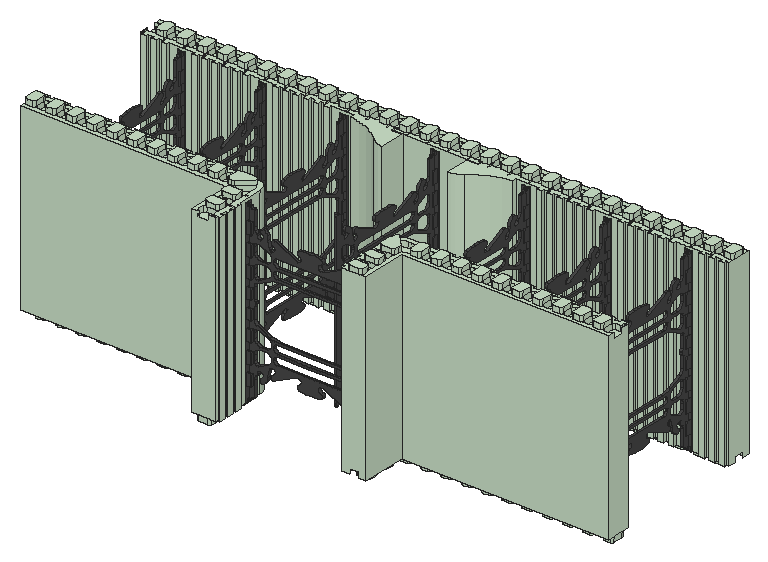
Revit family (continued)
Definition of nested family "NUDURA Diamond Pattern"
  Lines and regions (mm)
    model lines
      curve 139: arc (93.906, -142.875, 110.708) -> (95.394, -142.875, 114.3) -> (93.906, -142.875, 117.892) r 5.08
      curve 140: line (117.704, -142.875, 101.985) -> (108.981, -142.875, 110.708)
      curve 141: arc (117.704, -142.875, 88.515) -> (120.494, -142.875, 95.25) -> (117.704, -142.875, 101.985) r 9.525
      curve 142: line (108.981, -142.875, 79.792) -> (117.704, -142.875, 88.515)
      curve 143: line (85.183, -142.875, 88.515) -> (93.906, -142.875, 79.792)
      curve 144: arc (85.183, -142.875, 101.985) -> (82.394, -142.875, 95.25) -> (85.183, -142.875, 88.515) r 9.525
      curve 145: line (93.906, -142.875, 110.708) -> (85.183, -142.875, 101.985)
      curve 146: arc (105.934, -142.875, 109.265) -> (101.444, -142.875, 111.125) -> (96.953, -142.875, 109.265) r 6.35
      curve 147: line (96.953, -142.875, 109.265) -> (87.428, -142.875, 99.74)
      curve 148: arc (87.428, -142.875, 99.74) -> (85.569, -142.875, 95.25) -> (87.428, -142.875, 90.76) r 6.35
      curve 149: line (87.428, -142.875, 90.76) -> (96.953, -142.875, 81.235)
      curve 150: arc (96.953, -142.875, 81.235) -> (101.444, -142.875, 79.375) -> (105.934, -142.875, 81.235) r 6.35
      curve 151: line (105.934, -142.875, 81.235) -> (115.459, -142.875, 90.76)
      curve 152: arc (115.459, -142.875, 90.76) -> (117.319, -142.875, 95.25) -> (115.459, -142.875, 99.74) r 6.35
      curve 153: line (115.459, -142.875, 99.74) -> (105.934, -142.875, 109.265)
      curve 154: arc (93.906, -142.875, 72.608) -> (95.394, -142.875, 76.2) -> (93.906, -142.875, 79.792) r 5.08
      curve 155: line (117.704, -142.875, 63.885) -> (108.981, -142.875, 72.608)
      curve 156: arc (117.704, -142.875, 50.415) -> (120.494, -142.875, 57.15) -> (117.704, -142.875, 63.885) r 9.525
      curve 157: line (108.981, -142.875, 41.692) -> (117.704, -142.875, 50.415)
      curve 158: line (85.183, -142.875, 50.415) -> (93.906, -142.875, 41.692)
      curve 159: arc (85.183, -142.875, 63.885) -> (82.394, -142.875, 57.15) -> (85.183, -142.875, 50.415) r 9.525
      curve 160: line (93.906, -142.875, 72.608) -> (85.183, -142.875, 63.885)
      curve 161: arc (105.934, -142.875, 71.165) -> (101.444, -142.875, 73.025) -> (96.953, -142.875, 71.165) r 6.35
      curve 162: line (96.953, -142.875, 71.165) -> (87.428, -142.875, 61.64)
      curve 163: arc (87.428, -142.875, 61.64) -> (85.569, -142.875, 57.15) -> (87.428, -142.875, 52.66) r 6.35
      curve 164: line (87.428, -142.875, 52.66) -> (96.953, -142.875, 43.135)
      curve 165: arc (96.953, -142.875, 43.135) -> (101.444, -142.875, 41.275) -> (105.934, -142.875, 43.135) r 6.35
      curve 166: line (105.934, -142.875, 43.135) -> (115.459, -142.875, 52.66)
      curve 167: arc (115.459, -142.875, 52.66) -> (117.319, -142.875, 57.15) -> (115.459, -142.875, 61.64) r 6.35
      curve 168: line (115.459, -142.875, 61.64) -> (105.934, -142.875, 71.165)
      curve 169: arc (93.906, -142.875, 34.508) -> (95.394, -142.875, 38.1) -> (93.906, -142.875, 41.692) r 5.08
      curve 170: line (93.906, -142.875, 34.508) -> (85.183, -142.875, 25.785)
      curve 171: arc (85.183, -142.875, 25.785) -> (82.394, -142.875, 19.05) -> (85.183, -142.875, 12.315) r 9.525
      curve 172: line (85.183, -142.875, 12.315) -> (94.708, -142.875, 2.79)
      curve 173: arc (94.708, -142.875, 2.79) -> (101.444, -142.875, 0) -> (108.179, -142.875, 2.79) r 9.525
      curve 174: line (108.179, -142.875, 2.79) -> (117.704, -142.875, 12.315)
      curve 175: arc (117.704, -142.875, 12.315) -> (120.494, -142.875, 19.05) -> (117.704, -142.875, 25.785) r 9.525
      curve 176: line (117.704, -142.875, 25.785) -> (108.981, -142.875, 34.508)
      curve 177: arc (108.981, -142.875, 41.692) -> (107.493, -142.875, 38.1) -> (108.981, -142.875, 34.508) r 5.08
      curve 178: arc (105.934, -142.875, 33.065) -> (101.444, -142.875, 34.925) -> (96.953, -142.875, 33.065) r 6.35
      curve 179: line (115.459, -142.875, 23.54) -> (105.934, -142.875, 33.065)
      curve 180: arc (115.459, -142.875, 14.56) -> (117.319, -142.875, 19.05) -> (115.459, -142.875, 23.54) r 6.35
      curve 181: line (105.934, -142.875, 5.035) -> (115.459, -142.875, 14.56)
      curve 182: arc (96.953, -142.875, 5.035) -> (101.444, -142.875, 3.175) -> (105.934, -142.875, 5.035) r 6.35
      curve 183: line (87.428, -142.875, 14.56) -> (96.953, -142.875, 5.035)
      curve 184: arc (87.428, -142.875, 23.54) -> (85.569, -142.875, 19.05) -> (87.428, -142.875, 14.56) r 6.35
      curve 185: line (96.953, -142.875, 33.065) -> (87.428, -142.875, 23.54)
      curve 186: arc (108.981, -142.875, 79.792) -> (107.493, -142.875, 76.2) -> (108.981, -142.875, 72.608) r 5.08
      curve 187: arc (108.981, -142.875, 117.892) -> (107.493, -142.875, 114.3) -> (108.981, -142.875, 110.708) r 5.08
      curve 188: arc (108.981, -142.875, 155.992) -> (107.493, -142.875, 152.4) -> (108.981, -142.875, 148.808) r 5.08
      curve 189: arc (108.981, -142.875, 194.092) -> (107.493, -142.875, 190.5) -> (108.981, -142.875, 186.908) r 5.08
      curve 190: arc (108.981, -142.875, 232.192) -> (107.493, -142.875, 228.6) -> (108.981, -142.875, 225.008) r 5.08
      curve 191: arc (108.981, -142.875, 270.292) -> (107.493, -142.875, 266.7) -> (108.981, -142.875, 263.108) r 5.08
      curve 192: arc (108.981, -142.875, 308.392) -> (107.493, -142.875, 304.8) -> (108.981, -142.875, 301.208) r 5.08
      curve 193: arc (108.981, -142.875, 346.492) -> (107.493, -142.875, 342.9) -> (108.981, -142.875, 339.308) r 5.08
      curve 194: arc (108.981, -142.875, 384.592) -> (107.493, -142.875, 381) -> (108.981, -142.875, 377.408) r 5.08
      curve 195: arc (108.981, -142.875, 422.692) -> (107.493, -142.875, 419.1) -> (108.981, -142.875, 415.508) r 5.08
Definition of nested family "NUDURA Diamond Pattern Missing Left Line"
  Reference planes
    plane 1 "Center (Front/Back)": y = 0
    plane 2: z = 0
    plane 3 "Center (Left/Right)": x = 0
    plane 4: z = 457.2
  Lines and regions (mm)
    model lines
      curve 1: line (203.2, -142.875, 457.2) -> (203.2, -142.875, 0)
      curve 2: line (152.4, -142.875, 457.2) -> (152.4, -142.875, 0)
      curve 3: line (85.183, -142.875, 431.415) -> (93.906, -142.875, 422.692)
      curve 4: arc (85.183, -142.875, 444.885) -> (82.394, -142.875, 438.15) -> (85.183, -142.875, 431.415) r 9.525
      curve 5: line (94.708, -142.875, 454.41) -> (85.183, -142.875, 444.885)
      curve 6: arc (108.179, -142.875, 454.41) -> (101.444, -142.875, 457.2) -> (94.708, -142.875, 454.41) r 9.525
      curve 7: line (117.704, -142.875, 444.885) -> (108.179, -142.875, 454.41)
      curve 8: arc (117.704, -142.875, 431.415) -> (120.494, -142.875, 438.15) -> (117.704, -142.875, 444.885) r 9.525
      curve 9: line (108.981, -142.875, 422.692) -> (117.704, -142.875, 431.415)
      curve 10: arc (105.934, -142.875, 452.165) -> (101.444, -142.875, 454.025) -> (96.953, -142.875, 452.165) r 6.35
      curve 11: line (115.459, -142.875, 442.64) -> (105.934, -142.875, 452.165)
      curve 12: arc (115.459, -142.875, 433.66) -> (117.319, -142.875, 438.15) -> (115.459, -142.875, 442.64) r 6.35
      curve 13: line (105.934, -142.875, 424.135) -> (115.459, -142.875, 433.66)
      curve 14: arc (96.953, -142.875, 424.135) -> (101.444, -142.875, 422.275) -> (105.934, -142.875, 424.135) r 6.35
      curve 15: line (87.428, -142.875, 433.66) -> (96.953, -142.875, 424.135)
      curve 16: arc (87.428, -142.875, 442.64) -> (85.569, -142.875, 438.15) -> (87.428, -142.875, 433.66) r 6.35
      curve 17: line (96.953, -142.875, 452.165) -> (87.428, -142.875, 442.64)
      curve 18: arc (93.906, -142.875, 415.508) -> (95.394, -142.875, 419.1) -> (93.906, -142.875, 422.692) r 5.08
      curve 19: line (117.704, -142.875, 406.785) -> (108.981, -142.875, 415.508)
      curve 20: arc (117.704, -142.875, 393.315) -> (120.494, -142.875, 400.05) -> (117.704, -142.875, 406.785) r 9.525
      curve 21: line (108.981, -142.875, 384.592) -> (117.704, -142.875, 393.315)
      curve 22: line (85.183, -142.875, 393.315) -> (93.906, -142.875, 384.592)
      curve 23: arc (85.183, -142.875, 406.785) -> (82.394, -142.875, 400.05) -> (85.183, -142.875, 393.315) r 9.525
      curve 24: line (93.906, -142.875, 415.508) -> (85.183, -142.875, 406.785)
      curve 25: arc (105.934, -142.875, 414.065) -> (101.444, -142.875, 415.925) -> (96.953, -142.875, 414.065) r 6.35
      curve 26: line (96.953, -142.875, 414.065) -> (87.428, -142.875, 404.54)
      curve 27: arc (87.428, -142.875, 404.54) -> (85.569, -142.875, 400.05) -> (87.428, -142.875, 395.56) r 6.35
      curve 28: line (87.428, -142.875, 395.56) -> (96.953, -142.875, 386.035)
      curve 29: arc (96.953, -142.875, 386.035) -> (101.444, -142.875, 384.175) -> (105.934, -142.875, 386.035) r 6.35
      curve 30: line (105.934, -142.875, 386.035) -> (115.459, -142.875, 395.56)
      curve 31: arc (115.459, -142.875, 395.56) -> (117.319, -142.875, 400.05) -> (115.459, -142.875, 404.54) r 6.35
      curve 32: line (115.459, -142.875, 404.54) -> (105.934, -142.875, 414.065)
      curve 33: arc (93.906, -142.875, 377.408) -> (95.394, -142.875, 381) -> (93.906, -142.875, 384.592) r 5.08
      curve 34: line (117.704, -142.875, 368.685) -> (108.981, -142.875, 377.408)
      curve 35: arc (117.704, -142.875, 355.215) -> (120.494, -142.875, 361.95) -> (117.704, -142.875, 368.685) r 9.525
      curve 36: line (108.981, -142.875, 346.492) -> (117.704, -142.875, 355.215)
      curve 37: line (85.183, -142.875, 355.215) -> (93.906, -142.875, 346.492)
      curve 38: arc (85.183, -142.875, 368.685) -> (82.394, -142.875, 361.95) -> (85.183, -142.875, 355.215) r 9.525
      curve 39: line (93.906, -142.875, 377.408) -> (85.183, -142.875, 368.685)
      curve 40: arc (105.934, -142.875, 375.965) -> (101.444, -142.875, 377.825) -> (96.953, -142.875, 375.965) r 6.35
      curve 41: line (96.953, -142.875, 375.965) -> (87.428, -142.875, 366.44)
      curve 42: arc (87.428, -142.875, 366.44) -> (85.569, -142.875, 361.95) -> (87.428, -142.875, 357.46) r 6.35
      curve 43: line (87.428, -142.875, 357.46) -> (96.953, -142.875, 347.935)
      curve 44: arc (96.953, -142.875, 347.935) -> (101.444, -142.875, 346.075) -> (105.934, -142.875, 347.935) r 6.35
      curve 45: line (105.934, -142.875, 347.935) -> (115.459, -142.875, 357.46)
      curve 46: arc (115.459, -142.875, 357.46) -> (117.319, -142.875, 361.95) -> (115.459, -142.875, 366.44) r 6.35
      curve 47: line (115.459, -142.875, 366.44) -> (105.934, -142.875, 375.965)
      curve 48: arc (93.906, -142.875, 339.308) -> (95.394, -142.875, 342.9) -> (93.906, -142.875, 346.492) r 5.08
      curve 49: line (117.704, -142.875, 330.585) -> (108.981, -142.875, 339.308)
      curve 50: arc (117.704, -142.875, 317.115) -> (120.494, -142.875, 323.85) -> (117.704, -142.875, 330.585) r 9.525
      curve 51: line (108.981, -142.875, 308.392) -> (117.704, -142.875, 317.115)
      curve 52: line (85.183, -142.875, 317.115) -> (93.906, -142.875, 308.392)
      curve 53: arc (85.183, -142.875, 330.585) -> (82.394, -142.875, 323.85) -> (85.183, -142.875, 317.115) r 9.525
      curve 54: line (93.906, -142.875, 339.308) -> (85.183, -142.875, 330.585)
      curve 55: arc (105.934, -142.875, 337.865) -> (101.444, -142.875, 339.725) -> (96.953, -142.875, 337.865) r 6.35
      curve 56: line (96.953, -142.875, 337.865) -> (87.428, -142.875, 328.34)
      curve 57: arc (87.428, -142.875, 328.34) -> (85.569, -142.875, 323.85) -> (87.428, -142.875, 319.36) r 6.35
      curve 58: line (87.428, -142.875, 319.36) -> (96.953, -142.875, 309.835)
      curve 59: arc (96.953, -142.875, 309.835) -> (101.444, -142.875, 307.975) -> (105.934, -142.875, 309.835) r 6.35
      curve 60: line (105.934, -142.875, 309.835) -> (115.459, -142.875, 319.36)
      curve 61: arc (115.459, -142.875, 319.36) -> (117.319, -142.875, 323.85) -> (115.459, -142.875, 328.34) r 6.35
      curve 62: line (115.459, -142.875, 328.34) -> (105.934, -142.875, 337.865)
      curve 63: arc (93.906, -142.875, 301.208) -> (95.394, -142.875, 304.8) -> (93.906, -142.875, 308.392) r 5.08
      curve 64: line (117.704, -142.875, 292.485) -> (108.981, -142.875, 301.208)
      curve 65: arc (117.704, -142.875, 279.015) -> (120.494, -142.875, 285.75) -> (117.704, -142.875, 292.485) r 9.525
      curve 66: line (108.981, -142.875, 270.292) -> (117.704, -142.875, 279.015)
      curve 67: line (85.183, -142.875, 279.015) -> (93.906, -142.875, 270.292)
      curve 68: arc (85.183, -142.875, 292.485) -> (82.394, -142.875, 285.75) -> (85.183, -142.875, 279.015) r 9.525
      curve 69: line (93.906, -142.875, 301.208) -> (85.183, -142.875, 292.485)
      curve 70: arc (105.934, -142.875, 299.765) -> (101.444, -142.875, 301.625) -> (96.953, -142.875, 299.765) r 6.35
      curve 71: line (96.953, -142.875, 299.765) -> (87.428, -142.875, 290.24)
      curve 72: arc (87.428, -142.875, 290.24) -> (85.569, -142.875, 285.75) -> (87.428, -142.875, 281.26) r 6.35
      curve 73: line (87.428, -142.875, 281.26) -> (96.953, -142.875, 271.735)
      curve 74: arc (96.953, -142.875, 271.735) -> (101.444, -142.875, 269.875) -> (105.934, -142.875, 271.735) r 6.35
      curve 75: line (105.934, -142.875, 271.735) -> (115.459, -142.875, 281.26)
      curve 76: arc (115.459, -142.875, 281.26) -> (117.319, -142.875, 285.75) -> (115.459, -142.875, 290.24) r 6.35
      curve 77: line (115.459, -142.875, 290.24) -> (105.934, -142.875, 299.765)
      curve 78: arc (93.906, -142.875, 263.108) -> (95.394, -142.875, 266.7) -> (93.906, -142.875, 270.292) r 5.08
      curve 79: line (117.704, -142.875, 254.385) -> (108.981, -142.875, 263.108)
      curve 80: arc (117.704, -142.875, 240.915) -> (120.494, -142.875, 247.65) -> (117.704, -142.875, 254.385) r 9.525
      curve 81: line (108.981, -142.875, 232.192) -> (117.704, -142.875, 240.915)
      curve 82: line (85.183, -142.875, 240.915) -> (93.906, -142.875, 232.192)
      curve 83: arc (85.183, -142.875, 254.385) -> (82.394, -142.875, 247.65) -> (85.183, -142.875, 240.915) r 9.525
      curve 84: line (93.906, -142.875, 263.108) -> (85.183, -142.875, 254.385)
      curve 85: arc (105.934, -142.875, 261.665) -> (101.444, -142.875, 263.525) -> (96.953, -142.875, 261.665) r 6.35
      curve 86: line (96.953, -142.875, 261.665) -> (87.428, -142.875, 252.14)
      curve 87: arc (87.428, -142.875, 252.14) -> (85.569, -142.875, 247.65) -> (87.428, -142.875, 243.16) r 6.35
      curve 88: line (87.428, -142.875, 243.16) -> (96.953, -142.875, 233.635)
      curve 89: arc (96.953, -142.875, 233.635) -> (101.444, -142.875, 231.775) -> (105.934, -142.875, 233.635) r 6.35
      curve 90: line (105.934, -142.875, 233.635) -> (115.459, -142.875, 243.16)
      curve 91: arc (115.459, -142.875, 243.16) -> (117.319, -142.875, 247.65) -> (115.459, -142.875, 252.14) r 6.35
      curve 92: line (115.459, -142.875, 252.14) -> (105.934, -142.875, 261.665)
      curve 93: arc (93.906, -142.875, 225.008) -> (95.394, -142.875, 228.6) -> (93.906, -142.875, 232.192) r 5.08
      curve 94: line (117.704, -142.875, 216.285) -> (108.981, -142.875, 225.008)
      curve 95: arc (117.704, -142.875, 202.815) -> (120.494, -142.875, 209.55) -> (117.704, -142.875, 216.285) r 9.525
      curve 96: line (108.981, -142.875, 194.092) -> (117.704, -142.875, 202.815)
      curve 97: line (85.183, -142.875, 202.815) -> (93.906, -142.875, 194.092)
      curve 98: arc (85.183, -142.875, 216.285) -> (82.394, -142.875, 209.55) -> (85.183, -142.875, 202.815) r 9.525
      curve 99: line (93.906, -142.875, 225.008) -> (85.183, -142.875, 216.285)
      curve 100: arc (105.934, -142.875, 223.565) -> (101.444, -142.875, 225.425) -> (96.953, -142.875, 223.565) r 6.35
      curve 101: line (96.953, -142.875, 223.565) -> (87.428, -142.875, 214.04)
      curve 102: arc (87.428, -142.875, 214.04) -> (85.569, -142.875, 209.55) -> (87.428, -142.875, 205.06) r 6.35
      curve 103: line (87.428, -142.875, 205.06) -> (96.953, -142.875, 195.535)
      curve 104: arc (96.953, -142.875, 195.535) -> (101.444, -142.875, 193.675) -> (105.934, -142.875, 195.535) r 6.35
      curve 105: line (105.934, -142.875, 195.535) -> (115.459, -142.875, 205.06)
      curve 106: arc (115.459, -142.875, 205.06) -> (117.319, -142.875, 209.55) -> (115.459, -142.875, 214.04) r 6.35
      curve 107: line (115.459, -142.875, 214.04) -> (105.934, -142.875, 223.565)
      curve 108: arc (93.906, -142.875, 186.908) -> (95.394, -142.875, 190.5) -> (93.906, -142.875, 194.092) r 5.08
      curve 109: line (117.704, -142.875, 178.185) -> (108.981, -142.875, 186.908)
      curve 110: arc (117.704, -142.875, 164.715) -> (120.494, -142.875, 171.45) -> (117.704, -142.875, 178.185) r 9.525
      curve 111: line (108.981, -142.875, 155.992) -> (117.704, -142.875, 164.715)
      curve 112: line (85.183, -142.875, 164.715) -> (93.906, -142.875, 155.992)
      curve 113: arc (85.183, -142.875, 178.185) -> (82.394, -142.875, 171.45) -> (85.183, -142.875, 164.715) r 9.525
      curve 114: line (93.906, -142.875, 186.908) -> (85.183, -142.875, 178.185)
      curve 115: arc (105.934, -142.875, 185.465) -> (101.444, -142.875, 187.325) -> (96.953, -142.875, 185.465) r 6.35
      curve 116: line (96.953, -142.875, 185.465) -> (87.428, -142.875, 175.94)
      curve 117: arc (87.428, -142.875, 175.94) -> (85.569, -142.875, 171.45) -> (87.428, -142.875, 166.96) r 6.35
      curve 118: line (87.428, -142.875, 166.96) -> (96.953, -142.875, 157.435)
      curve 119: arc (96.953, -142.875, 157.435) -> (101.444, -142.875, 155.575) -> (105.934, -142.875, 157.435) r 6.35
      curve 120: line (105.934, -142.875, 157.435) -> (115.459, -142.875, 166.96)
      curve 121: arc (115.459, -142.875, 166.96) -> (117.319, -142.875, 171.45) -> (115.459, -142.875, 175.94) r 6.35
      curve 122: line (115.459, -142.875, 175.94) -> (105.934, -142.875, 185.465)
      curve 123: arc (93.906, -142.875, 148.808) -> (95.394, -142.875, 152.4) -> (93.906, -142.875, 155.992) r 5.08
      curve 124: line (117.704, -142.875, 140.085) -> (108.981, -142.875, 148.808)
      curve 125: arc (117.704, -142.875, 126.615) -> (120.494, -142.875, 133.35) -> (117.704, -142.875, 140.085) r 9.525
      curve 126: line (108.981, -142.875, 117.892) -> (117.704, -142.875, 126.615)
      curve 127: line (85.183, -142.875, 126.615) -> (93.906, -142.875, 117.892)
      curve 128: arc (85.183, -142.875, 140.085) -> (82.394, -142.875, 133.35) -> (85.183, -142.875, 126.615) r 9.525
      curve 129: line (93.906, -142.875, 148.808) -> (85.183, -142.875, 140.085)
      curve 130: arc (105.934, -142.875, 147.365) -> (101.444, -142.875, 149.225) -> (96.953, -142.875, 147.365) r 6.35
      curve 131: line (96.953, -142.875, 147.365) -> (87.428, -142.875, 137.84)
      curve 132: arc (87.428, -142.875, 137.84) -> (85.569, -142.875, 133.35) -> (87.428, -142.875, 128.86) r 6.35
      curve 133: line (87.428, -142.875, 128.86) -> (96.953, -142.875, 119.335)
      curve 134: arc (96.953, -142.875, 119.335) -> (101.444, -142.875, 117.475) -> (105.934, -142.875, 119.335) r 6.35
      curve 135: line (105.934, -142.875, 119.335) -> (115.459, -142.875, 128.86)
      curve 136: arc (115.459, -142.875, 128.86) -> (117.319, -142.875, 133.35) -> (115.459, -142.875, 137.84) r 6.35
      curve 137: line (115.459, -142.875, 137.84) -> (105.934, -142.875, 147.365)
      curve 138: arc (93.906, -142.875, 110.708) -> (95.394, -142.875, 114.3) -> (93.906, -142.875, 117.892) r 5.08
      curve 139: line (117.704, -142.875, 101.985) -> (108.981, -142.875, 110.708)
      curve 140: arc (117.704, -142.875, 88.515) -> (120.494, -142.875, 95.25) -> (117.704, -142.875, 101.985) r 9.525
      curve 141: line (108.981, -142.875, 79.792) -> (117.704, -142.875, 88.515)
      curve 142: line (85.183, -142.875, 88.515) -> (93.906, -142.875, 79.792)
      curve 143: arc (85.183, -142.875, 101.985) -> (82.394, -142.875, 95.25) -> (85.183, -142.875, 88.515) r 9.525
      curve 144: line (93.906, -142.875, 110.708) -> (85.183, -142.875, 101.985)
      curve 145: arc (105.934, -142.875, 109.265) -> (101.444, -142.875, 111.125) -> (96.953, -142.875, 109.265) r 6.35
      curve 146: line (96.953, -142.875, 109.265) -> (87.428, -142.875, 99.74)
      curve 147: arc (87.428, -142.875, 99.74) -> (85.569, -142.875, 95.25) -> (87.428, -142.875, 90.76) r 6.35
      curve 148: line (87.428, -142.875, 90.76) -> (96.953, -142.875, 81.235)
      curve 149: arc (96.953, -142.875, 81.235) -> (101.444, -142.875, 79.375) -> (105.934, -142.875, 81.235) r 6.35
      curve 150: line (105.934, -142.875, 81.235) -> (115.459, -142.875, 90.76)
      curve 151: arc (115.459, -142.875, 90.76) -> (117.319, -142.875, 95.25) -> (115.459, -142.875, 99.74) r 6.35
      curve 152: line (115.459, -142.875, 99.74) -> (105.934, -142.875, 109.265)
      curve 153: arc (93.906, -142.875, 72.608) -> (95.394, -142.875, 76.2) -> (93.906, -142.875, 79.792) r 5.08
      curve 154: line (117.704, -142.875, 63.885) -> (108.981, -142.875, 72.608)
      curve 155: arc (117.704, -142.875, 50.415) -> (120.494, -142.875, 57.15) -> (117.704, -142.875, 63.885) r 9.525
      curve 156: line (108.981, -142.875, 41.692) -> (117.704, -142.875, 50.415)
      curve 157: line (85.183, -142.875, 50.415) -> (93.906, -142.875, 41.692)
      curve 158: arc (85.183, -142.875, 63.885) -> (82.394, -142.875, 57.15) -> (85.183, -142.875, 50.415) r 9.525
      curve 159: line (93.906, -142.875, 72.608) -> (85.183, -142.875, 63.885)
      curve 160: arc (105.934, -142.875, 71.165) -> (101.444, -142.875, 73.025) -> (96.953, -142.875, 71.165) r 6.35
      curve 161: line (96.953, -142.875, 71.165) -> (87.428, -142.875, 61.64)
      curve 162: arc (87.428, -142.875, 61.64) -> (85.569, -142.875, 57.15) -> (87.428, -142.875, 52.66) r 6.35
      curve 163: line (87.428, -142.875, 52.66) -> (96.953, -142.875, 43.135)
      curve 164: arc (96.953, -142.875, 43.135) -> (101.444, -142.875, 41.275) -> (105.934, -142.875, 43.135) r 6.35
      curve 165: line (105.934, -142.875, 43.135) -> (115.459, -142.875, 52.66)
      curve 166: arc (115.459, -142.875, 52.66) -> (117.319, -142.875, 57.15) -> (115.459, -142.875, 61.64) r 6.35
      curve 167: line (115.459, -142.875, 61.64) -> (105.934, -142.875, 71.165)
      curve 168: arc (93.906, -142.875, 34.508) -> (95.394, -142.875, 38.1) -> (93.906, -142.875, 41.692) r 5.08
      curve 169: line (93.906, -142.875, 34.508) -> (85.183, -142.875, 25.785)
      curve 170: arc (85.183, -142.875, 25.785) -> (82.394, -142.875, 19.05) -> (85.183, -142.875, 12.315) r 9.525
      curve 171: line (85.183, -142.875, 12.315) -> (94.708, -142.875, 2.79)
      curve 172: arc (94.708, -142.875, 2.79) -> (101.444, -142.875, 0) -> (108.179, -142.875, 2.79) r 9.525
      curve 173: line (108.179, -142.875, 2.79) -> (117.704, -142.875, 12.315)
      curve 174: arc (117.704, -142.875, 12.315) -> (120.494, -142.875, 19.05) -> (117.704, -142.875, 25.785) r 9.525
      curve 175: line (117.704, -142.875, 25.785) -> (108.981, -142.875, 34.508)
      curve 176: arc (108.981, -142.875, 41.692) -> (107.493, -142.875, 38.1) -> (108.981, -142.875, 34.508) r 5.08
      curve 177: arc (105.934, -142.875, 33.065) -> (101.444, -142.875, 34.925) -> (96.953, -142.875, 33.065) r 6.35
      curve 178: line (115.459, -142.875, 23.54) -> (105.934, -142.875, 33.065)
      curve 179: arc (115.459, -142.875, 14.56) -> (117.319, -142.875, 19.05) -> (115.459, -142.875, 23.54) r 6.35
      curve 180: line (105.934, -142.875, 5.035) -> (115.459, -142.875, 14.56)
      curve 181: arc (96.953, -142.875, 5.035) -> (101.444, -142.875, 3.175) -> (105.934, -142.875, 5.035) r 6.35
      curve 182: line (87.428, -142.875, 14.56) -> (96.953, -142.875, 5.035)
      curve 183: arc (87.428, -142.875, 23.54) -> (85.569, -142.875, 19.05) -> (87.428, -142.875, 14.56) r 6.35
      curve 184: line (96.953, -142.875, 33.065) -> (87.428, -142.875, 23.54)
      curve 185: arc (108.981, -142.875, 79.792) -> (107.493, -142.875, 76.2) -> (108.981, -142.875, 72.608) r 5.08
      curve 186: arc (108.981, -142.875, 117.892) -> (107.493, -142.875, 114.3) -> (108.981, -142.875, 110.708) r 5.08
      curve 187: arc (108.981, -142.875, 155.992) -> (107.493, -142.875, 152.4) -> (108.981, -142.875, 148.808) r 5.08
      curve 188: arc (108.981, -142.875, 194.092) -> (107.493, -142.875, 190.5) -> (108.981, -142.875, 186.908) r 5.08
      curve 189: arc (108.981, -142.875, 232.192) -> (107.493, -142.875, 228.6) -> (108.981, -142.875, 225.008) r 5.08
      curve 190: arc (108.981, -142.875, 270.292) -> (107.493, -142.875, 266.7) -> (108.981, -142.875, 263.108) r 5.08
      curve 191: arc (108.981, -142.875, 308.392) -> (107.493, -142.875, 304.8) -> (108.981, -142.875, 301.208) r 5.08
      curve 192: arc (108.981, -142.875, 346.492) -> (107.493, -142.875, 342.9) -> (108.981, -142.875, 339.308) r 5.08
      curve 193: arc (108.981, -142.875, 384.592) -> (107.493, -142.875, 381) -> (108.981, -142.875, 377.408) r 5.08
      curve 194: arc (108.981, -142.875, 422.692) -> (107.493, -142.875, 419.1) -> (108.981, -142.875, 415.508) r 5.08
